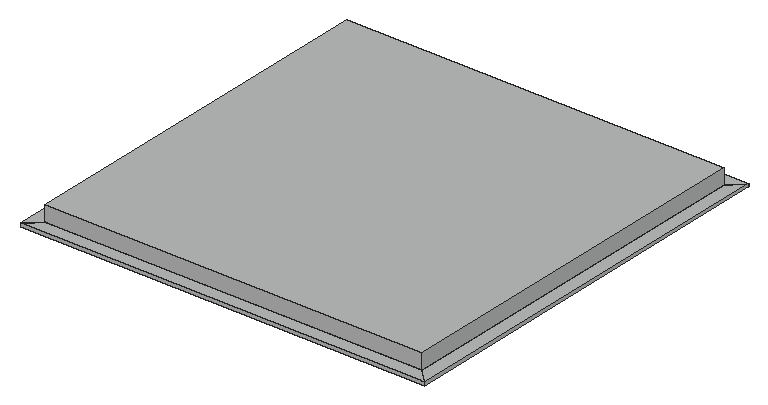
Revit family "AVRORA", category Осветительные приборы, Revit 2019 (continued)
Types (10, lengths in mm): name | built-in parameter 1150134 | Файл фотометрической сетки | built-in parameter 1150142 | built-in parameter 1150107 | Emit from Rectangle Width | Emit from Rectangle Length | Длина | Ширина | ADSK_Обозначение | ADSK_Наименование | ADSK_Код изделия
  AVRORA-32/opal-sand 603х603х25 (IP20, 5000К, в грильято) | 2 | "Светильник AVRORA-32  OPAL-SAND-(595x595).ies" | "IESNA:LM-63-95\r\n[TEST] Протокол № 50-12 \r\n[DATA] 20.06.2016\r\n[MORE] \r\n[MANUFAC] ЗАО \"Центрстройсвет\"\r\n[LUMCAT]  Светильник ALUMOGIPS-38/OPAL-SAND-(610x610)\r\n[LUMINAIRE]\r\n[LAMPCAT] Светодиоды\r\n[LAMP] Поток источника света (светодиодов) не известен\r\n[MORE] КСС приведена в абсолютных величинах кд\r\n[MORE] Вместо потока лампы, указан поток светильника.\r\nTILT=NONE\r\n1    3750 1.0 37 73 1 2 0.61 0.61 0.04\r\n1.0 1.0 38.7\r\n0.0 5.0 10.0 15.0 20.0 25.0 30.0 35.0 40.0 45.0 50.0 55.0 60.0 65.0 70.0 75.0 80.0 85.0 90.0 95.0 100.0 105.0 110.0 115.0 120.0 125.0 130.0 135.0 140.0 145.0 150.0 155.0 160.0 165.0 170.0 175.0 180.0\r\n0.0 5.0 10.0 15.0 20.0 25.0 30.0 35.0 40.0 45.0 50.0 55.0 60.0 65.0 70.0 75.0 80.0 85.0 90.0 95.0 100.0 105.0 110.0 115.0 120.0 125.0 130.0 135.0 140.0 145.0 150.0 155.0 160.0 165.0 170.0 175.0 180.0 185.0 190.0 195.0 200.0 205.0 210.0 215.0 220.0 225.0 230.0 235.0 240.0 245.0 250.0 255.0 260.0 265.0 270.0 275.0 280.0 285.0 290.0 295.0 300.0 305.0 310.0 315.0 320.0 325.0 330.0 335.0 340.0 345.0 350.0 355.0 360.0\r\n1391.4 1390.6 1365.7 1330.6 1277.5 1214.9 1147.5 1059.6 967.6 873.2 772.4 664.9 556.3 449.1 342.7 240.6 147.1 64.2 4.7 0.0 0.0 0.0 0.0 0.0 0.0 0.0 0.0 0.0 0.0 0.0 0.0 0.0 0.0 0.0 0.0 0.0 0.0\r\n1391.4 1390.5 1367.8 1332.7 1284.3 1221.3 1147.0 1062.1 969.2 872.4 773.2 666.3 557.1 450.1 343.8 241.9 146.9 64.7 5.2 0.0 0.0 0.0 0.0 0.0 0.0 0.0 0.0 0.0 0.0 0.0 0.0 0.0 0.0 0.0 0.0 0.0 0.0\r\n1391.4 1390.2 1372.0 1333.3 1277.3 1216.8 1144.5 1057.4 969.6 875.1 773.8 669.5 560.0 454.6 345.8 242.4 148.5 65.8 5.4 0.0 0.0 0.0 0.0 0.0 0.0 0.0 0.0 0.0 0.0 0.0 0.0 0.0 0.0 0.0 0.0 0.0 0.0\r\n1391.4 1389.8 1371.2 1330.7 1279.5 1220.5 1148.3 1059.9 967.7 873.2 767.5 666.8 561.4 453.0 347.1 243.7 149.9 65.6 5.8 0.0 0.0 0.0 0.0 0.0 0.0 0.0 0.0 0.0 0.0 0.0 0.0 0.0 0.0 0.0 0.0 0.0 0.0\r\n1391.4 1389.8 1368.3 1329.3 1285.0 1214.6 1141.1 1058.7 971.8 871.3 775.2 666.9 559.4 452.6 345.8 242.5 150.0 65.8 6.1 0.0 0.0 0.0 0.0 0.0 0.0 0.0 0.0 0.0 0.0 0.0 0.0 0.0 0.0 0.0 0.0 0.0 0.0\r\n1391.4 1390.5 1367.3 1332.3 1281.7 1219.0 1142.8 1064.6 970.5 874.4 772.1 667.5 560.2 453.0 346.2 241.8 149.4 65.7 5.6 0.0 0.0 0.0 0.0 0.0 0.0 0.0 0.0 0.0 0.0 0.0 0.0 0.0 0.0 0.0 0.0 0.0 0.0\r\n1391.4 1391.4 1368.1 1333.5 1277.3 1215.7 1139.0 1059.6 968.1 872.4 771.6 667.4 558.8 453.3 344.3 243.9 148.4 65.7 5.4 0.0 0.0 0.0 0.0 0.0 0.0 0.0 0.0 0.0 0.0 0.0 0.0 0.0 0.0 0.0 0.0 0.0 0.0\r\n1391.4 1391.7 1368.1 1330.4 1278.2 1213.9 1142.4 1061.6 967.4 875.1 772.0 669.3 561.1 452.5 345.2 242.1 148.3 65.4 5.5 0.0 0.0 0.0 0.0 0.0 0.0 0.0 0.0 0.0 0.0 0.0 0.0 0.0 0.0 0.0 0.0 0.0 0.0\r\n1391.4 1391.5 1371.0 1328.4 1278.5 1216.7 1142.1 1061.2 971.8 874.7 772.1 668.9 560.8 452.9 345.4 243.3 147.7 66.0 5.4 0.0 0.0 0.0 0.0 0.0 0.0 0.0 0.0 0.0 0.0 0.0 0.0 0.0 0.0 0.0 0.0 0.0 0.0\r\n1391.4 1391.5 1373.2 1330.5 1277.3 1215.5 1143.2 1063.6 967.0 872.7 772.2 669.4 558.9 453.2 346.6 241.9 148.1 65.2 5.5 0.0 0.0 0.0 0.0 0.0 0.0 0.0 0.0 0.0 0.0 0.0 0.0 0.0 0.0 0.0 0.0 0.0 0.0\r\n1391.4 1391.4 1369.7 1328.3 1281.3 1216.0 1139.8 1057.9 968.7 875.3 773.9 667.6 561.8 454.0 344.0 243.1 147.2 65.6 5.5 0.0 0.0 0.0 0.0 0.0 0.0 0.0 0.0 0.0 0.0 0.0 0.0 0.0 0.0 0.0 0.0 0.0 0.0\r\n1391.4 1390.5 1367.9 1330.1 1278.1 1218.1 1138.9 1061.0 970.0 871.8 770.4 669.3 560.2 453.4 346.9 242.1 148.3 65.2 5.2 0.0 0.0 0.0 0.0 0.0 0.0 0.0 0.0 0.0 0.0 0.0 0.0 0.0 0.0 0.0 0.0 0.0 0.0\r\n1391.4 1389.3 1368.2 1329.1 1280.8 1214.4 1142.5 1059.2 967.2 874.3 772.4 668.0 563.1 452.3 345.7 242.8 146.8 64.9 5.1 0.0 0.0 0.0 0.0 0.0 0.0 0.0 0.0 0.0 0.0 0.0 0.0 0.0 0.0 0.0 0.0 0.0 0.0\r\n1391.4 1388.6 1367.4 1327.8 1278.0 1215.7 1141.0 1061.0 971.5 877.3 771.2 667.3 561.5 453.0 346.4 242.4 146.3 64.8 5.2 0.0 0.0 0.0 0.0 0.0 0.0 0.0 0.0 0.0 0.0 0.0 0.0 0.0 0.0 0.0 0.0 0.0 0.0\r\n1391.4 1388.0 1367.6 1326.7 1278.3 1218.0 1140.9 1061.5 968.4 873.4 770.1 666.6 562.1 454.6 344.8 241.8 146.4 64.0 5.5 0.0 0.0 0.0 0.0 0.0 0.0 0.0 0.0 0.0 0.0 0.0 0.0 0.0 0.0 0.0 0.0 0.0 0.0\r\n1391.4 1387.2 1366.1 1331.0 1281.4 1216.3 1142.7 1059.1 969.4 871.5 772.2 667.3 560.5 453.0 344.4 242.2 146.4 63.8 5.6 0.0 0.0 0.0 0.0 0.0 0.0 0.0 0.0 0.0 0.0 0.0 0.0 0.0 0.0 0.0 0.0 0.0 0.0\r\n1391.4 1387.1 1366.3 1328.7 1276.9 1214.5 1141.2 1059.3 968.4 874.3 775.5 668.3 562.5 454.9 346.4 241.3 146.2 63.5 5.7 0.0 0.0 0.0 0.0 0.0 0.0 0.0 0.0 0.0 0.0 0.0 0.0 0.0 0.0 0.0 0.0 0.0 0.0\r\n1391.4 1388.4 1366.0 1329.7 1279.2 1217.9 1140.0 1060.5 969.0 873.9 772.0 671.3 560.4 453.2 343.7 241.7 145.8 63.7 5.4 0.0 0.0 0.0 0.0 0.0 0.0 0.0 0.0 0.0 0.0 0.0 0.0 0.0 0.0 0.0 0.0 0.0 0.0\r\n1391.4 1389.6 1367.7 1329.3 1277.2 1211.1 1140.1 1061.0 971.0 871.2 769.2 669.1 561.5 453.1 343.3 241.9 145.8 63.4 5.2 0.0 0.0 0.0 0.0 0.0 0.0 0.0 0.0 0.0 0.0 0.0 0.0 0.0 0.0 0.0 0.0 0.0 0.0\r\n1391.4 1388.8 1366.9 1327.1 1279.4 1214.2 1142.5 1056.4 970.7 870.3 771.0 665.1 560.4 453.3 343.8 241.1 145.7 63.4 5.2 0.0 0.0 0.0 0.0 0.0 0.0 0.0 0.0 0.0 0.0 0.0 0.0 0.0 0.0 0.0 0.0 0.0 0.0\r\n1391.4 1387.2 1365.8 1328.9 1276.6 1210.2 1141.4 1059.3 966.6 871.4 770.5 667.4 559.2 451.4 344.2 241.0 145.6 63.2 5.1 0.0 0.0 0.0 0.0 0.0 0.0 0.0 0.0 0.0 0.0 0.0 0.0 0.0 0.0 0.0 0.0 0.0 0.0\r\n1391.4 1386.8 1364.4 1329.8 1279.4 1213.7 1144.0 1059.0 965.3 873.7 768.8 668.9 559.4 449.5 342.6 241.5 144.6 63.4 5.0 0.0 0.0 0.0 0.0 0.0 0.0 0.0 0.0 0.0 0.0 0.0 0.0 0.0 0.0 0.0 0.0 0.0 0.0\r\n1391.4 1388.1 1365.8 1328.1 1273.8 1213.4 1137.9 1059.2 967.3 869.2 769.3 667.7 558.4 451.4 344.0 240.6 145.7 63.4 4.9 0.0 0.0 0.0 0.0 0.0 0.0 0.0 0.0 0.0 0.0 0.0 0.0 0.0 0.0 0.0 0.0 0.0 0.0\r\n1391.4 1389.2 1364.4 1323.2 1276.3 1213.8 1137.6 1055.3 963.1 871.0 767.7 664.1 559.7 447.1 342.4 240.1 145.2 63.9 5.1 0.0 0.0 0.0 0.0 0.0 0.0 0.0 0.0 0.0 0.0 0.0 0.0 0.0 0.0 0.0 0.0 0.0 0.0\r\n1391.4 1388.4 1362.3 1326.8 1274.4 1212.2 1137.9 1054.7 966.7 867.9 768.7 663.4 557.3 449.2 343.3 240.0 145.7 63.6 5.0 0.0 0.0 0.0 0.0 0.0 0.0 0.0 0.0 0.0 0.0 0.0 0.0 0.0 0.0 0.0 0.0 0.0 0.0\r\n1391.4 1386.2 1361.8 1326.5 1273.3 1211.2 1134.5 1048.6 964.3 866.3 767.8 662.9 556.7 449.5 341.9 239.8 145.7 63.7 5.0 0.0 0.0 0.0 0.0 0.0 0.0 0.0 0.0 0.0 0.0 0.0 0.0 0.0 0.0 0.0 0.0 0.0 0.0\r\n1391.4 1384.4 1363.5 1324.4 1272.0 1209.5 1137.2 1053.0 960.2 867.5 767.9 662.7 556.7 449.2 342.5 239.1 146.2 63.8 4.8 0.0 0.0 0.0 0.0 0.0 0.0 0.0 0.0 0.0 0.0 0.0 0.0 0.0 0.0 0.0 0.0 0.0 0.0\r\n1391.4 1383.7 1362.4 1324.4 1274.0 1209.5 1134.4 1050.1 965.4 864.9 764.6 662.3 556.6 447.9 340.5 240.3 145.5 64.6 4.6 0.0 0.0 0.0 0.0 0.0 0.0 0.0 0.0 0.0 0.0 0.0 0.0 0.0 0.0 0.0 0.0 0.0 0.0\r\n1391.4 1384.4 1361.9 1326.9 1270.2 1207.3 1132.7 1050.1 959.7 867.7 763.1 662.2 555.0 447.3 343.0 238.3 145.8 63.9 4.7 0.0 0.0 0.0 0.0 0.0 0.0 0.0 0.0 0.0 0.0 0.0 0.0 0.0 0.0 0.0 0.0 0.0 0.0\r\n1391.4 1385.1 1363.0 1320.0 1270.4 1207.9 1134.4 1055.0 963.5 867.3 766.7 660.7 555.9 450.1 342.6 240.2 145.9 64.3 4.9 0.0 0.0 0.0 0.0 0.0 0.0 0.0 0.0 0.0 0.0 0.0 0.0 0.0 0.0 0.0 0.0 0.0 0.0\r\n1391.4 1384.9 1362.3 1321.4 1273.1 1208.0 1135.4 1052.3 961.9 865.0 764.0 660.8 553.5 447.6 341.2 240.3 146.1 63.8 4.8 0.0 0.0 0.0 0.0 0.0 0.0 0.0 0.0 0.0 0.0 0.0 0.0 0.0 0.0 0.0 0.0 0.0 0.0\r\n1391.4 1383.8 1361.2 1322.1 1265.1 1211.5 1132.8 1049.3 961.3 863.4 764.0 661.0 550.7 447.9 341.0 240.1 146.2 63.8 4.6 0.0 0.0 0.0 0.0 0.0 0.0 0.0 0.0 0.0 0.0 0.0 0.0 0.0 0.0 0.0 0.0 0.0 0.0\r\n1391.4 1382.8 1359.3 1321.5 1269.3 1206.8 1132.8 1051.1 958.3 863.2 763.1 662.7 553.4 448.0 340.4 240.0 145.8 63.8 4.0 0.0 0.0 0.0 0.0 0.0 0.0 0.0 0.0 0.0 0.0 0.0 0.0 0.0 0.0 0.0 0.0 0.0 0.0\r\n1391.4 1382.6 1359.0 1319.6 1268.1 1204.3 1129.8 1049.0 957.7 861.8 761.7 658.4 554.2 446.1 340.4 239.0 145.6 63.8 3.8 0.0 0.0 0.0 0.0 0.0 0.0 0.0 0.0 0.0 0.0 0.0 0.0 0.0 0.0 0.0 0.0 0.0 0.0\r\n1391.4 1382.8 1358.5 1315.8 1266.5 1202.1 1128.5 1049.2 957.6 860.0 762.1 658.2 549.9 443.8 339.6 238.4 145.7 63.6 3.7 0.0 0.0 0.0 0.0 0.0 0.0 0.0 0.0 0.0 0.0 0.0 0.0 0.0 0.0 0.0 0.0 0.0 0.0\r\n1391.4 1382.2 1360.5 1319.2 1265.9 1204.5 1129.9 1046.9 955.0 862.9 758.9 657.9 552.5 444.9 338.9 238.8 145.3 63.6 3.3 0.0 0.0 0.0 0.0 0.0 0.0 0.0 0.0 0.0 0.0 0.0 0.0 0.0 0.0 0.0 0.0 0.0 0.0\r\n1391.4 1381.1 1361.2 1321.0 1268.1 1203.8 1128.8 1047.4 955.6 863.7 761.1 656.4 551.5 445.2 339.2 238.5 144.7 62.5 3.5 0.0 0.0 0.0 0.0 0.0 0.0 0.0 0.0 0.0 0.0 0.0 0.0 0.0 0.0 0.0 0.0 0.0 0.0\r\n1391.4 1380.6 1359.0 1316.4 1268.5 1204.0 1126.1 1049.5 956.2 859.6 759.7 656.5 549.2 444.3 338.4 236.1 143.8 61.6 3.2 0.0 0.0 0.0 0.0 0.0 0.0 0.0 0.0 0.0 0.0 0.0 0.0 0.0 0.0 0.0 0.0 0.0 0.0\r\n1391.4 1380.7 1356.6 1316.0 1267.0 1205.6 1130.3 1044.8 956.9 856.7 759.3 653.5 548.1 441.9 335.3 235.4 141.4 60.3 2.9 0.0 0.0 0.0 0.0 0.0 0.0 0.0 0.0 0.0 0.0 0.0 0.0 0.0 0.0 0.0 0.0 0.0 0.0\r\n1391.4 1380.4 1354.4 1317.9 1268.8 1199.0 1129.0 1044.0 956.9 860.6 758.3 656.9 549.1 442.0 334.4 236.1 141.7 60.5 2.6 0.0 0.0 0.0 0.0 0.0 0.0 0.0 0.0 0.0 0.0 0.0 0.0 0.0 0.0 0.0 0.0 0.0 0.0\r\n1391.4 1380.1 1356.7 1322.1 1264.6 1201.7 1129.9 1047.4 957.2 859.7 758.2 656.1 549.4 442.8 335.3 235.8 141.3 60.6 2.3 0.0 0.0 0.0 0.0 0.0 0.0 0.0 0.0 0.0 0.0 0.0 0.0 0.0 0.0 0.0 0.0 0.0 0.0\r\n1391.4 1379.9 1357.3 1317.5 1265.9 1207.8 1129.2 1046.5 955.7 860.2 758.6 656.9 550.7 441.9 335.4 233.9 140.6 60.2 2.4 0.0 0.0 0.0 0.0 0.0 0.0 0.0 0.0 0.0 0.0 0.0 0.0 0.0 0.0 0.0 0.0 0.0 0.0\r\n1391.4 1379.2 1355.5 1314.6 1269.3 1203.7 1133.5 1044.8 957.2 857.9 762.0 656.6 548.7 440.4 335.9 234.5 140.4 59.8 2.8 0.0 0.0 0.0 0.0 0.0 0.0 0.0 0.0 0.0 0.0 0.0 0.0 0.0 0.0 0.0 0.0 0.0 0.0\r\n1391.4 1377.9 1357.1 1319.2 1271.9 1204.4 1128.6 1050.2 953.1 856.9 757.6 653.7 548.9 439.9 335.4 232.4 140.5 59.2 3.0 0.0 0.0 0.0 0.0 0.0 0.0 0.0 0.0 0.0 0.0 0.0 0.0 0.0 0.0 0.0 0.0 0.0 0.0\r\n1391.4 1377.2 1356.3 1322.9 1266.0 1204.8 1132.2 1049.0 958.1 859.3 759.0 654.6 547.0 441.6 334.9 232.1 139.3 58.8 2.9 0.0 0.0 0.0 0.0 0.0 0.0 0.0 0.0 0.0 0.0 0.0 0.0 0.0 0.0 0.0 0.0 0.0 0.0\r\n1391.4 1377.8 1353.8 1319.7 1269.6 1207.9 1135.8 1049.5 955.8 858.0 762.4 655.9 548.2 441.6 335.6 231.7 139.4 58.8 2.8 0.0 0.0 0.0 0.0 0.0 0.0 0.0 0.0 0.0 0.0 0.0 0.0 0.0 0.0 0.0 0.0 0.0 0.0\r\n1391.4 1378.5 1355.2 1319.8 1267.3 1206.5 1131.2 1046.1 954.6 861.2 756.6 653.8 548.1 440.3 335.0 232.6 138.6 59.0 2.9 0.0 0.0 0.0 0.0 0.0 0.0 0.0 0.0 0.0 0.0 0.0 0.0 0.0 0.0 0.0 0.0 0.0 0.0\r\n1391.4 1378.6 1355.1 1318.3 1269.7 1200.8 1133.1 1049.0 957.6 862.5 762.4 656.9 549.3 443.5 334.7 231.2 138.8 58.1 3.0 0.0 0.0 0.0 0.0 0.0 0.0 0.0 0.0 0.0 0.0 0.0 0.0 0.0 0.0 0.0 0.0 0.0 0.0\r\n1391.4 1378.8 1355.8 1321.7 1268.8 1210.0 1129.0 1048.5 958.8 862.4 762.2 656.4 549.0 441.1 335.4 231.5 138.5 58.1 3.0 0.0 0.0 0.0 0.0 0.0 0.0 0.0 0.0 0.0 0.0 0.0 0.0 0.0 0.0 0.0 0.0 0.0 0.0\r\n1391.4 1379.6 1357.6 1321.7 1269.0 1207.1 1133.9 1047.0 964.1 863.3 761.9 656.4 551.5 440.7 334.9 232.2 137.6 58.1 2.8 0.0 0.0 0.0 0.0 0.0 0.0 0.0 0.0 0.0 0.0 0.0 0.0 0.0 0.0 0.0 0.0 0.0 0.0\r\n1391.4 1380.6 1357.7 1319.2 1272.0 1207.5 1131.3 1054.6 959.0 863.3 764.8 655.9 549.1 443.0 335.1 231.3 138.0 58.1 2.7 0.0 0.0 0.0 0.0 0.0 0.0 0.0 0.0 0.0 0.0 0.0 0.0 0.0 0.0 0.0 0.0 0.0 0.0\r\n1391.4 1381.5 1358.5 1321.9 1271.0 1204.1 1135.9 1055.8 962.5 865.5 761.1 656.9 550.6 442.0 335.3 231.9 137.4 57.9 2.6 0.0 0.0 0.0 0.0 0.0 0.0 0.0 0.0 0.0 0.0 0.0 0.0 0.0 0.0 0.0 0.0 0.0 0.0\r\n1391.4 1381.3 1358.5 1322.3 1270.8 1207.2 1133.7 1051.9 958.0 867.3 767.5 657.0 552.1 442.3 333.6 231.2 137.9 57.8 2.6 0.0 0.0 0.0 0.0 0.0 0.0 0.0 0.0 0.0 0.0 0.0 0.0 0.0 0.0 0.0 0.0 0.0 0.0\r\n1391.4 1380.6 1359.4 1319.7 1270.6 1209.0 1133.0 1052.1 963.9 867.5 764.1 660.0 554.0 443.3 334.8 231.7 137.6 57.8 2.7 0.0 0.0 0.0 0.0 0.0 0.0 0.0 0.0 0.0 0.0 0.0 0.0 0.0 0.0 0.0 0.0 0.0 0.0\r\n1391.4 1381.3 1359.9 1321.3 1270.6 1204.8 1135.0 1051.3 962.1 865.5 761.7 660.3 553.1 443.5 334.1 231.9 137.9 57.8 2.8 0.0 0.0 0.0 0.0 0.0 0.0 0.0 0.0 0.0 0.0 0.0 0.0 0.0 0.0 0.0 0.0 0.0 0.0\r\n1391.4 1383.1 1362.1 1324.8 1273.8 1208.7 1134.8 1055.9 961.8 866.4 762.3 659.7 552.4 443.7 334.4 232.8 138.0 58.0 2.8 0.0 0.0 0.0 0.0 0.0 0.0 0.0 0.0 0.0 0.0 0.0 0.0 0.0 0.0 0.0 0.0 0.0 0.0\r\n1391.4 1384.6 1360.4 1321.7 1272.0 1210.6 1130.9 1052.5 963.1 866.7 767.4 659.3 553.7 444.6 335.4 233.1 138.3 58.0 2.8 0.0 0.0 0.0 0.0 0.0 0.0 0.0 0.0 0.0 0.0 0.0 0.0 0.0 0.0 0.0 0.0 0.0 0.0\r\n1391.4 1385.6 1357.5 1324.7 1273.9 1211.6 1134.3 1052.7 963.6 865.4 763.1 658.7 552.2 444.9 336.9 232.8 138.8 58.6 2.9 0.0 0.0 0.0 0.0 0.0 0.0 0.0 0.0 0.0 0.0 0.0 0.0 0.0 0.0 0.0 0.0 0.0 0.0\r\n1391.4 1386.4 1357.8 1323.4 1273.2 1212.2 1136.3 1054.7 967.5 867.5 764.0 659.4 553.3 443.7 336.8 233.2 138.9 58.5 3.1 0.0 0.0 0.0 0.0 0.0 0.0 0.0 0.0 0.0 0.0 0.0 0.0 0.0 0.0 0.0 0.0 0.0 0.0\r\n1391.4 1386.6 1362.0 1324.9 1273.2 1211.3 1139.0 1049.9 960.3 866.4 768.0 661.3 552.2 443.4 336.3 233.4 139.8 58.9 3.1 0.0 0.0 0.0 0.0 0.0 0.0 0.0 0.0 0.0 0.0 0.0 0.0 0.0 0.0 0.0 0.0 0.0 0.0\r\n1391.4 1386.0 1360.5 1326.0 1271.8 1212.0 1137.2 1059.3 963.5 867.6 766.9 661.2 552.3 445.8 337.8 233.6 141.0 59.2 3.3 0.0 0.0 0.0 0.0 0.0 0.0 0.0 0.0 0.0 0.0 0.0 0.0 0.0 0.0 0.0 0.0 0.0 0.0\r\n1391.4 1385.0 1362.3 1325.1 1272.0 1207.1 1138.5 1053.6 964.5 865.8 766.5 661.6 554.3 445.9 337.0 234.5 140.4 60.2 3.5 0.0 0.0 0.0 0.0 0.0 0.0 0.0 0.0 0.0 0.0 0.0 0.0 0.0 0.0 0.0 0.0 0.0 0.0\r\n1391.4 1384.4 1361.8 1323.6 1274.0 1214.8 1138.9 1053.9 968.0 867.9 769.0 663.8 555.6 446.7 339.6 235.0 141.3 60.4 3.4 0.0 0.0 0.0 0.0 0.0 0.0 0.0 0.0 0.0 0.0 0.0 0.0 0.0 0.0 0.0 0.0 0.0 0.0\r\n1391.4 1385.0 1360.9 1322.2 1272.4 1209.8 1137.2 1055.7 962.7 869.7 769.6 658.2 556.6 447.4 338.5 236.2 142.5 60.7 3.4 0.0 0.0 0.0 0.0 0.0 0.0 0.0 0.0 0.0 0.0 0.0 0.0 0.0 0.0 0.0 0.0 0.0 0.0\r\n1391.4 1386.6 1363.1 1323.6 1272.5 1211.5 1139.2 1058.4 969.9 868.0 768.8 664.6 556.3 445.8 342.1 236.1 142.3 61.2 3.5 0.0 0.0 0.0 0.0 0.0 0.0 0.0 0.0 0.0 0.0 0.0 0.0 0.0 0.0 0.0 0.0 0.0 0.0\r\n1391.4 1388.6 1360.9 1330.2 1273.7 1213.2 1138.7 1058.3 966.2 867.0 766.8 663.4 553.3 447.1 339.2 238.7 143.0 61.4 3.8 0.0 0.0 0.0 0.0 0.0 0.0 0.0 0.0 0.0 0.0 0.0 0.0 0.0 0.0 0.0 0.0 0.0 0.0\r\n1391.4 1389.8 1360.8 1328.4 1276.8 1216.0 1140.1 1055.8 963.1 870.3 768.4 663.1 554.0 449.1 340.1 237.3 144.8 61.7 3.8 0.0 0.0 0.0 0.0 0.0 0.0 0.0 0.0 0.0 0.0 0.0 0.0 0.0 0.0 0.0 0.0 0.0 0.0\r\n1391.4 1389.3 1362.5 1325.9 1278.0 1210.4 1138.2 1054.7 967.8 872.7 770.2 661.9 556.5 446.9 341.3 237.7 144.4 62.5 3.9 0.0 0.0 0.0 0.0 0.0 0.0 0.0 0.0 0.0 0.0 0.0 0.0 0.0 0.0 0.0 0.0 0.0 0.0\r\n1391.4 1387.8 1365.8 1326.6 1274.3 1213.2 1141.4 1053.1 966.2 871.2 768.4 663.7 555.0 447.1 341.3 238.2 144.3 62.7 4.1 0.0 0.0 0.0 0.0 0.0 0.0 0.0 0.0 0.0 0.0 0.0 0.0 0.0 0.0 0.0 0.0 0.0 0.0\r\n1391.4 1387.2 1364.2 1328.3 1274.8 1209.4 1145.0 1060.0 963.9 867.5 766.5 663.4 556.7 448.2 340.9 240.3 144.7 63.3 4.0 0.0 0.0 0.0 0.0 0.0 0.0 0.0 0.0 0.0 0.0 0.0 0.0 0.0 0.0 0.0 0.0 0.0 0.0\r\n1391.4 1388.4 1364.9 1332.6 1279.0 1215.6 1140.9 1056.3 969.3 867.1 770.0 663.8 559.0 449.0 342.4 240.3 145.7 63.3 4.7 0.0 0.0 0.0 0.0 0.0 0.0 0.0 0.0 0.0 0.0 0.0 0.0 0.0 0.0 0.0 0.0 0.0 0.0\r\n1391.4 1390.0 1364.5 1329.3 1281.4 1217.7 1141.3 1063.3 970.3 871.1 768.8 663.5 555.2 449.3 342.4 239.8 146.6 63.3 4.9 0.0 0.0 0.0 0.0 0.0 0.0 0.0 0.0 0.0 0.0 0.0 0.0 0.0 0.0 0.0 0.0 0.0 0.0\r\n1391.4 1390.6 1365.7 1330.6 1277.5 1214.9 1147.5 1059.6 967.6 873.2 772.4 664.9 556.3 449.1 342.7 240.6 147.1 64.2 4.7 0.0 0.0 0.0 0.0 0.0 0.0 0.0 0.0 0.0 0.0 0.0 0.0 0.0 0.0 0.0 0.0 0.0 0.0\r\n" | 5000 (stored number, unit not read) | 563 | 563 | 603 | 603 | "AVRORA-32/opal-sand 603х603х25 (IP20, 5000К, в грильято)" | "Встраиваемый светодиодный светильник AVRORA-32/opal-sand 603х603х25 (IP20, 5000К, в грильято)" | "ЦБ000009313"
